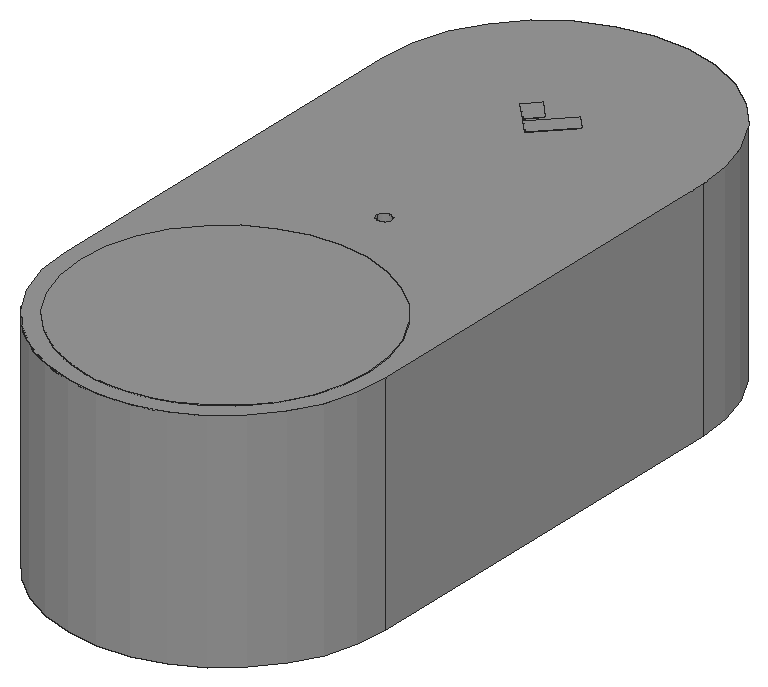
Revit family "AlarmsWirelessPanicButton", category Security Devices, host Face, Revit 2019
Family settings
  Host = Face
  Maintain Annotation Orientation = Yes
  Round Connector Dimension = Use Diameter
  Part Type = Normal
  Cut with Voids When Loaded = No
  Shared = No
  Room Calculation Point = Yes
Parameters (values of type "BR33")
  Width = 1.42"
  URL = "https://www.verkada.com/alarms/wireless-intrusion-detection/"
  Type Image = BR33.png
  Model = "BR33"
  Manufacturer = "VERKADA"  # constant formula
  Length = 3.18"
  Height = 1.0"
  Description = "WIRELESS PANIC BUTTON"
  Default Elevation = 48.0"
Reference planes (in)
  plane 1 "Center (Front/Back)": y = 0
  plane 2: z = 0
  plane 3 "Center (Left/Right)": x = 0
  plane 4: x = 0.71
  plane 5: y = 1.59
  plane 6: y = -1.59
  plane 7: x = -0.71
  plane 8: z = 1
Forms (in)
  Extrusion 1, solid, detail levels medium+fine
    sketch origin (0, 0, 0) x (1, 0, 0) y (0, 1, 0)
      loop
        arc (-0.71, -0.88) -> (0, -1.59) -> (0.71, -0.88) r 0.71
        line (0.71, -0.88) -> (0.71, 0.88)
        arc (0.71, 0.88) -> (0, 1.59) -> (-0.71, 0.88) r 0.71
        line (-0.71, 0.88) -> (-0.71, -0.88)
    from 0 to 1 <- "Height"
  Extrusion 2, solid, material "Verkada Black"
    sketch origin (0, 0, 0) x (1, 0, 0) y (0, 1, 0)
      loop
        circle (0, -0.88) r 0.63731
    from 0 to 1 <- "Height"
  Extrusion 3, void
    sketch origin (0, 0, 0) x (1, 0, 0) y (0, 1, 0)
      loop
        circle (0, 0) r 0.03142
    from 0 to 1 <- "Height"
  Extrusion 4, solid, material "Verkada White"
    sketch origin (0, -3.25, 0) x (1, 0, 0) y (0, 1, 0)
      loop
        line (-0.01158, 4.15349) -> (-0.08337, 4.23002) -> (-0.1369, 4.17262) -> (-0.06515, 4.09604) -> (-0.01158, 4.15349)
      loop
        line (0.08337, 4.23002) -> (-0.0536, 4.08399) -> (0, 4.02652) -> (0.1369, 4.17262) -> (0.08337, 4.23002)
    from 0 to 1 <- "Height"
Cuts and joins
  Extrusion 3 cuts Extrusion 1
Dimensions and locks (in)
  equal spacing: plane 7, plane 3 "Center (Left/Right)", plane 4
  "Width": plane 7 to plane 4
  "Height": plane 8 to level
  equal spacing: plane 6, plane 1 "Center (Front/Back)", plane 5
  "Length": plane 6 to plane 5
  aligned and locked: plane 2 to host face
  aligned and locked: level to host face
  aligned and locked: plane 7 to Extrusion 1 sketch curve
  aligned and locked: Extrusion 1 sketch curve to plane 4
Automatic sketch dimensions
  host sketch curve to host sketch curve = 96.0"  (x2)
  Extrusion 1 sketch curve to plane 6 = 0.71"
  plane 5 to Extrusion 1 sketch curve = 0.71"
  Extrusion 2 sketch curve to plane 3 "Center (Left/Right)" = 0.0"
  Extrusion 2 sketch curve to plane 6 = 0.71"
  plane 1 "Center (Front/Back)" to Extrusion 3 sketch curve = 0.0"
  Extrusion 3 sketch curve to plane 3 "Center (Left/Right)" = 0.0"
  Extrusion 4 sketch curve to plane 3 "Center (Left/Right)" = 0.1369"
  Extrusion 4 sketch curve to plane 3 "Center (Left/Right)" = 0.06515"
  Extrusion 4 sketch curve to Extrusion 4 sketch curve = 0.01155"
  Extrusion 4 sketch curve to plane 3 "Center (Left/Right)" = 0.01158"
  plane 3 "Center (Left/Right)" to Extrusion 4 sketch curve = 0.0"
  plane 3 "Center (Left/Right)" to Extrusion 4 sketch curve = 0.08337"
  Extrusion 4 sketch curve to plane 1 "Center (Front/Back)" = 0.77652"
  Extrusion 4 sketch curve to Extrusion 4 sketch curve = 0.05748"
  Extrusion 4 sketch curve to Extrusion 4 sketch curve = 0.01205"
  Extrusion 4 sketch curve to Extrusion 4 sketch curve = 0.05744"
  Extrusion 4 sketch curve to Extrusion 4 sketch curve = 0.07657"
  Extrusion 4 sketch curve to Extrusion 4 sketch curve = 0.01913"
  Extrusion 4 sketch curve to Extrusion 4 sketch curve = 0.05353"  (x2)
  Extrusion 4 sketch curve to Extrusion 4 sketch curve = 0.05741"  (x2)
  radius of Extrusion 2 sketch curve = 0.63731"
  radius of Extrusion 3 sketch curve = 0.03142"
Nested families (in)
  nested 1: "PlanSymbol_PanicButton" at (0, 0, 0), type "Standard"
Connectors (in)
  electrical at (0, 0, 0)
    settings: index 2, voltage 0 V, apparent load 0 VA, apparent load phase1 0 VA, apparent load phase2 0 VA, apparent load phase3 0 VA, power factor 1, load classification "Other", number of poles 1, system type 10, power factor state 1, is connector primary yes, connector utility no, sub classification motor no, connector description ""
Definition of nested family "PlanSymbol_PanicButton"
  Reference planes (in)
    plane 1: y = 0
    plane 2: x = 0
  Lines and regions (in)
    Masking region 1
      outline origin (0, 0, 0) x (1, 0, 0) y (0, 1, 0)
        loop
          line (-0.11811, 0.23622) -> (-0.11811, 0.09213) -> (-0.02598, 0.09213) -> (-0.02598, 0.14409) -> (0.02598, 0.14409) -> (0.02598, 0.09213) -> (0.11811, 0.09213) -> (0.11811, 0.23622) -> (-0.11811, 0.23622)
    Masking region 2
      outline origin (0, 0, 0) x (1, 0, 0) y (0, 1, 0)
        loop
          line (0.07795, 0.09213) -> (-0.07795, 0.09213) -> (-0.11811, 0.09213) -> (-0.11811, 0) -> (0.11811, 0) -> (0.11811, 0.09213) -> (0.07795, 0.09213)
    Masking region 3
      outline origin (0, 0, 0) x (1, 0, 0) y (0, 1, 0)
        loop
          line (-0.02598, 0.14409) -> (-0.02598, 0.09213) -> (0.02598, 0.09213) -> (0.02598, 0.14409) -> (-0.02598, 0.14409)
